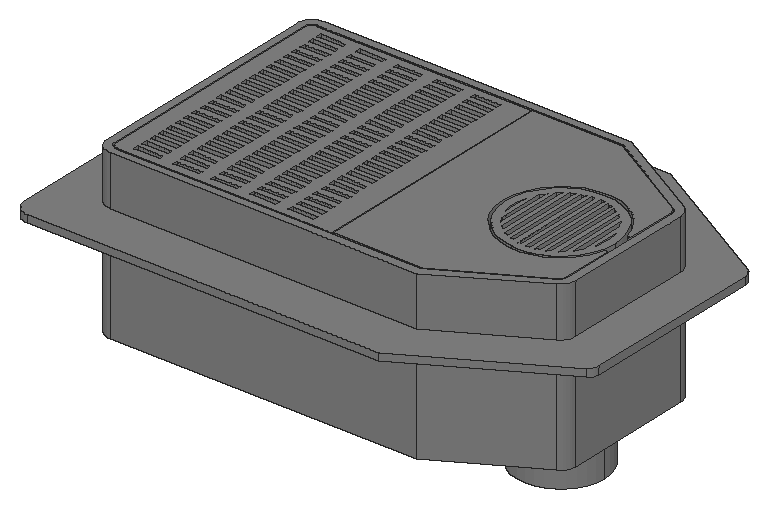
Revit family "Drain-Floor-Jay_R_Smith-2484_Series", category Plumbing Fixtures, host Face, Revit 2019
Family settings
  Host = Face
  Round Connector Dimension = Use Diameter
  Part Type = Normal
  OmniClass Number = 23.70.50.21.24
  OmniClass Title = Waste Water Drains
  Cut with Voids When Loaded = No
  Shared = Yes
  Room Calculation Point = No
Parameters (values of type "2484Y04(100)")
  Width = 17 1/2"
  Waste Connection Radius = 2"
  Waste Connection Diameter = Waste Connection Radius * 2  # 4"
  Waste Connection = yes
  WFU = 0
  W - Seepae Holes = no
  Vent Connection = no
  URL = "https://www.jrsmith.com/"
  U - Vandal Proof  Top = no
  Type Comments = "NO-HUB"
  T - Threaded Outlet = no
  Product Page URL = "https://www.jrsmith.com/floor-drains-2484"
  Product Documentation Link = "https://www.jrsmith.com/uploads/fileLibrary/d2484.pdf"
  Price = "Prices may vary. Please consult Manufacturer Representative for most up-to-date price list."  # constant formula
  Outlet Radius = Waste Connection Radius + 1/8"  # 2 1/8"
  Outlet Diameter = Outlet Radius * 2  # 4 1/4"
  Y - No-Hub Outlet = yes
  Model = "2484Y04(100)"
  Material = "Metal-Jay.R.Smith-Acid Resistant Coating"
  Manufacturer = "Jay R. Smith"
  M - Ductile Iron Gate = no
  Length = 24 3/4"
  Installation Type = "Floor Mounted"
  Height = 8"
  HWFU = 0
  HW Connection = no
  Grate Finish = Metal-Jay.R.Smith-Cast Iron
  G - Galvanized = no
  Finish = Metal-Jay.R.Smith-Acid Resistant Coating
  Description = "Heavy Duty Traffic Floor Drains"
  Default Elevation = 0"
  Creation Date = "08/24/2022"  # constant formula
  Connection Description = "4\" No-Hub Waste Outlet Connection"
  C- Caulk Outlet = no
  CWFU = 0
  CW Connection = no
  CIB - Cast Iron Bucket = no
  C - Flashing Clamp = no
  Assembly Code = "D2030300"
Reference planes (in)
  plane 1 "Center (Front/Back)": y = 0
  plane 2: z = 0
  plane 3 "Center (Left/Right)": x = 0
  plane 4: x = -12.375
  plane 5: x = 12.375
  plane 6: x = 5.25
  plane 7: y = 4.6875
  plane 8: y = -4.6875
  plane 9: y = 8.75
  plane 10: y = -8.75
  plane 11: y = 6.4375
  plane 12: y = -6.4375
  plane 13: z = -3
  plane 14: z = -8
  plane 15: z = -2.75
  plane 16: x = -10.25
  plane 17: x = 10.25
  plane 18: x = 0.8125
  plane 19: x = -9.75
  plane 20: x = -4.46875
  plane 21: x = 7.27821
  plane 22: x = 10.25
  plane 23: x = -10.25
  plane 24: x = 7.01766
Forms (in)
  Extrusion 1, solid, material "Metal-Jay.R.Smith-Acid Resistant Coating" <- "Finish"
    sketch origin (0, 0, 0) x (1, 0, 0) y (0, 1, 0)
      loop
        arc (-11.625, 8.75) -> (-12.15533, 8.53033) -> (-12.375, 8) r 0.75
        line (-12.375, 8) -> (-12.375, -8)
        arc (-12.375, -8) -> (-12.15533, -8.53033) -> (-11.625, -8.75) r 0.75
        line (-11.625, -8.75) -> (5.25, -8.75) -> (12.12266, -4.83138)
        arc (12.12266, -4.83138) -> (12.30734, -4.64819) -> (12.375, -4.39702) r 0.5
        line (12.375, -4.39702) -> (12.375, 4.39702)
        arc (12.375, 4.39702) -> (12.30734, 4.64819) -> (12.12266, 4.83138) r 0.5
        line (12.12266, 4.83138) -> (5.25, 8.75) -> (-11.625, 8.75)
      loop
        arc (-9.5, 6.4375) -> (-10.03033, 6.21783) -> (-10.25, 5.6875) r 0.75
        line (-10.25, 5.6875) -> (-10.25, -5.6875)
        arc (-10.25, -5.6875) -> (-10.03033, -6.21783) -> (-9.5, -6.4375) r 0.75
        line (-9.5, -6.4375) -> (5.25, -6.4375) -> (9.87149, -3.80244)
        arc (9.87149, -3.80244) -> (10.1485, -3.52766) -> (10.25, -3.15091) r 0.75
        line (10.25, -3.15091) -> (10.25, 3.15091)
        arc (10.25, 3.15091) -> (10.1485, 3.52766) -> (9.87149, 3.80244) r 0.75
        line (9.87149, 3.80244) -> (5.25, 6.4375) -> (-9.5, 6.4375)
    from -2.75 to -2.3887
  Extrusion 2, solid, material "Metal-Jay.R.Smith-Acid Resistant Coating" <- "Finish"
    sketch origin (0, 0, 0) x (1, 0, 0) y (0, 1, 0)
      loop
        arc (-10.25, -5.6875) -> (-10.03033, -6.21783) -> (-9.5, -6.4375) r 0.75
        line (-9.5, -6.4375) -> (5.25, -6.4375) -> (9.87149, -3.80244)
        arc (9.87149, -3.80244) -> (10.1485, -3.52766) -> (10.25, -3.15091) r 0.75
        line (10.25, -3.15091) -> (10.25, 3.15091)
        arc (10.25, 3.15091) -> (10.1485, 3.52766) -> (9.87149, 3.80244) r 0.75
        line (9.87149, 3.80244) -> (5.25, 6.4375) -> (-9.5, 6.4375)
        arc (-9.5, 6.4375) -> (-10.03033, 6.21783) -> (-10.25, 5.6875) r 0.75
        line (-10.25, 5.6875) -> (-10.25, -5.6875)
      loop
        line (-9.875, 5.6875) -> (-9.875, -5.6875)
        arc (-9.875, -5.6875) -> (-9.76517, -5.95267) -> (-9.5, -6.0625) r 0.375
        line (-9.5, -6.0625) -> (5.1506, -6.0625) -> (9.68574, -3.47667)
        arc (9.68574, -3.47667) -> (9.82425, -3.33928) -> (9.875, -3.15091) r 0.375
        line (9.875, -3.15091) -> (9.875, 3.15091)
        arc (9.875, 3.15091) -> (9.82425, 3.33928) -> (9.68574, 3.47667) r 0.375
        line (9.68574, 3.47667) -> (5.1506, 6.0625) -> (-9.5, 6.0625)
        arc (-9.5, 6.0625) -> (-9.76517, 5.95267) -> (-9.875, 5.6875) r 0.375
    from -8 to 0
  Extrusion 3, solid, material "Metal-Jay.R.Smith-Cast Iron" <- "Grate Finish"
    sketch origin (0, 0, 0) x (1, 0, 0) y (0, 1, 0)
      loop
        line (-9.01981, -3.625) -> (-7.76981, -3.625) -> (-7.76981, -3.375) -> (-9.01981, -3.375) -> (-9.01981, -3.625)
      loop
        line (-9.01981, -3.125) -> (-7.76981, -3.125) -> (-7.76981, -2.875) -> (-9.01981, -2.875) -> (-9.01981, -3.125)
      loop
        line (-9.01981, -2.625) -> (-7.76981, -2.625) -> (-7.76981, -2.375) -> (-9.01981, -2.375) -> (-9.01981, -2.625)
      loop
        line (-9.01981, -2.125) -> (-7.76981, -2.125) -> (-7.76981, -1.875) -> (-9.01981, -1.875) -> (-9.01981, -2.125)
      loop
        line (-9.01981, -1.625) -> (-7.76981, -1.625) -> (-7.76981, -1.375) -> (-9.01981, -1.375) -> (-9.01981, -1.625)
      loop
        line (-9.01981, -1.125) -> (-7.76981, -1.125) -> (-7.76981, -0.875) -> (-9.01981, -0.875) -> (-9.01981, -1.125)
      loop
        line (-9.01981, -0.625) -> (-7.76981, -0.625) -> (-7.76981, -0.375) -> (-9.01981, -0.375) -> (-9.01981, -0.625)
      loop
        line (-9.01981, -0.125) -> (-7.76981, -0.125) -> (-7.76981, 0.125) -> (-9.01981, 0.125) -> (-9.01981, -0.125)
      loop
        line (-9.01981, 3.625) -> (-9.01981, 3.375) -> (-7.76981, 3.375) -> (-7.76981, 3.625) -> (-9.01981, 3.625)
      loop
        line (-9.01981, 3.125) -> (-9.01981, 2.875) -> (-7.76981, 2.875) -> (-7.76981, 3.125) -> (-9.01981, 3.125)
      loop
        line (-9.01981, 2.625) -> (-9.01981, 2.375) -> (-7.76981, 2.375) -> (-7.76981, 2.625) -> (-9.01981, 2.625)
      loop
        line (-9.01981, 2.125) -> (-9.01981, 1.875) -> (-7.76981, 1.875) -> (-7.76981, 2.125) -> (-9.01981, 2.125)
      loop
        line (-9.01981, 1.625) -> (-9.01981, 1.375) -> (-7.76981, 1.375) -> (-7.76981, 1.625) -> (-9.01981, 1.625)
      loop
        line (-9.01981, 1.125) -> (-9.01981, 0.875) -> (-7.76981, 0.875) -> (-7.76981, 1.125) -> (-9.01981, 1.125)
      loop
        line (-9.01981, 0.625) -> (-9.01981, 0.375) -> (-7.76981, 0.375) -> (-7.76981, 0.625) -> (-9.01981, 0.625)
      loop
        line (-7.16463, -3.625) -> (-5.91463, -3.625) -> (-5.91463, -3.375) -> (-7.16463, -3.375) -> (-7.16463, -3.625)
      loop
        line (-7.16463, -3.125) -> (-5.91463, -3.125) -> (-5.91463, -2.875) -> (-7.16463, -2.875) -> (-7.16463, -3.125)
      loop
        line (-7.16463, -2.625) -> (-5.91463, -2.625) -> (-5.91463, -2.375) -> (-7.16463, -2.375) -> (-7.16463, -2.625)
      loop
        line (-7.16463, -2.125) -> (-5.91463, -2.125) -> (-5.91463, -1.875) -> (-7.16463, -1.875) -> (-7.16463, -2.125)
      loop
        line (-7.16463, -1.625) -> (-5.91463, -1.625) -> (-5.91463, -1.375) -> (-7.16463, -1.375) -> (-7.16463, -1.625)
      loop
        line (-7.16463, -1.125) -> (-5.91463, -1.125) -> (-5.91463, -0.875) -> (-7.16463, -0.875) -> (-7.16463, -1.125)
      loop
        line (-7.16463, -0.625) -> (-5.91463, -0.625) -> (-5.91463, -0.375) -> (-7.16463, -0.375) -> (-7.16463, -0.625)
      loop
        line (-7.16463, -0.125) -> (-5.91463, -0.125) -> (-5.91463, 0.125) -> (-7.16463, 0.125) -> (-7.16463, -0.125)
      loop
        line (-7.16463, 3.625) -> (-7.16463, 3.375) -> (-5.91463, 3.375) -> (-5.91463, 3.625) -> (-7.16463, 3.625)
      loop
        line (-7.16463, 3.125) -> (-7.16463, 2.875) -> (-5.91463, 2.875) -> (-5.91463, 3.125) -> (-7.16463, 3.125)
      loop
        line (-7.16463, 2.625) -> (-7.16463, 2.375) -> (-5.91463, 2.375) -> (-5.91463, 2.625) -> (-7.16463, 2.625)
      loop
        line (-7.16463, 2.125) -> (-7.16463, 1.875) -> (-5.91463, 1.875) -> (-5.91463, 2.125) -> (-7.16463, 2.125)
      loop
        line (-7.16463, 1.625) -> (-7.16463, 1.375) -> (-5.91463, 1.375) -> (-5.91463, 1.625) -> (-7.16463, 1.625)
      loop
        line (-7.16463, 1.125) -> (-7.16463, 0.875) -> (-5.91463, 0.875) -> (-5.91463, 1.125) -> (-7.16463, 1.125)
      loop
        line (-7.16463, 0.625) -> (-7.16463, 0.375) -> (-5.91463, 0.375) -> (-5.91463, 0.625) -> (-7.16463, 0.625)
      loop
        line (-5.30944, -3.625) -> (-4.05944, -3.625) -> (-4.05944, -3.375) -> (-5.30944, -3.375) -> (-5.30944, -3.625)
      loop
        line (-5.30944, -3.125) -> (-4.05944, -3.125) -> (-4.05944, -2.875) -> (-5.30944, -2.875) -> (-5.30944, -3.125)
      loop
        line (-5.30944, -2.625) -> (-4.05944, -2.625) -> (-4.05944, -2.375) -> (-5.30944, -2.375) -> (-5.30944, -2.625)
      loop
        line (-5.30944, -2.125) -> (-4.05944, -2.125) -> (-4.05944, -1.875) -> (-5.30944, -1.875) -> (-5.30944, -2.125)
      loop
        line (-5.30944, -1.625) -> (-4.05944, -1.625) -> (-4.05944, -1.375) -> (-5.30944, -1.375) -> (-5.30944, -1.625)
      loop
        line (-5.30944, -1.125) -> (-4.05944, -1.125) -> (-4.05944, -0.875) -> (-5.30944, -0.875) -> (-5.30944, -1.125)
      loop
        line (-5.30944, -0.625) -> (-4.05944, -0.625) -> (-4.05944, -0.375) -> (-5.30944, -0.375) -> (-5.30944, -0.625)
      loop
        line (-5.30944, -0.125) -> (-4.05944, -0.125) -> (-4.05944, 0.125) -> (-5.30944, 0.125) -> (-5.30944, -0.125)
      loop
        line (-5.30944, 3.625) -> (-5.30944, 3.375) -> (-4.05944, 3.375) -> (-4.05944, 3.625) -> (-5.30944, 3.625)
      loop
        line (-5.30944, 3.125) -> (-5.30944, 2.875) -> (-4.05944, 2.875) -> (-4.05944, 3.125) -> (-5.30944, 3.125)
      loop
        line (-5.30944, 2.625) -> (-5.30944, 2.375) -> (-4.05944, 2.375) -> (-4.05944, 2.625) -> (-5.30944, 2.625)
      loop
        line (-5.30944, 2.125) -> (-5.30944, 1.875) -> (-4.05944, 1.875) -> (-4.05944, 2.125) -> (-5.30944, 2.125)
      loop
        line (-5.30944, 1.625) -> (-5.30944, 1.375) -> (-4.05944, 1.375) -> (-4.05944, 1.625) -> (-5.30944, 1.625)
      loop
        line (-5.30944, 1.125) -> (-5.30944, 0.875) -> (-4.05944, 0.875) -> (-4.05944, 1.125) -> (-5.30944, 1.125)
      loop
        line (-5.30944, 0.625) -> (-5.30944, 0.375) -> (-4.05944, 0.375) -> (-4.05944, 0.625) -> (-5.30944, 0.625)
      loop
        line (-3.45425, -3.625) -> (-2.20425, -3.625) -> (-2.20425, -3.375) -> (-3.45425, -3.375) -> (-3.45425, -3.625)
      loop
        line (-3.45425, -3.125) -> (-2.20425, -3.125) -> (-2.20425, -2.875) -> (-3.45425, -2.875) -> (-3.45425, -3.125)
      loop
        line (-3.45425, -2.625) -> (-2.20425, -2.625) -> (-2.20425, -2.375) -> (-3.45425, -2.375) -> (-3.45425, -2.625)
      loop
        line (-3.45425, -2.125) -> (-2.20425, -2.125) -> (-2.20425, -1.875) -> (-3.45425, -1.875) -> (-3.45425, -2.125)
      loop
        line (-3.45425, -1.625) -> (-2.20425, -1.625) -> (-2.20425, -1.375) -> (-3.45425, -1.375) -> (-3.45425, -1.625)
      loop
        line (-3.45425, -1.125) -> (-2.20425, -1.125) -> (-2.20425, -0.875) -> (-3.45425, -0.875) -> (-3.45425, -1.125)
      loop
        line (-3.45425, -0.625) -> (-2.20425, -0.625) -> (-2.20425, -0.375) -> (-3.45425, -0.375) -> (-3.45425, -0.625)
      loop
        line (-3.45425, -0.125) -> (-2.20425, -0.125) -> (-2.20425, 0.125) -> (-3.45425, 0.125) -> (-3.45425, -0.125)
      loop
        line (-3.45425, 3.625) -> (-3.45425, 3.375) -> (-2.20425, 3.375) -> (-2.20425, 3.625) -> (-3.45425, 3.625)
      loop
        line (-3.45425, 3.125) -> (-3.45425, 2.875) -> (-2.20425, 2.875) -> (-2.20425, 3.125) -> (-3.45425, 3.125)
      loop
        line (-3.45425, 2.625) -> (-3.45425, 2.375) -> (-2.20425, 2.375) -> (-2.20425, 2.625) -> (-3.45425, 2.625)
      loop
        line (-3.45425, 2.125) -> (-3.45425, 1.875) -> (-2.20425, 1.875) -> (-2.20425, 2.125) -> (-3.45425, 2.125)
      loop
        line (-3.45425, 1.625) -> (-3.45425, 1.375) -> (-2.20425, 1.375) -> (-2.20425, 1.625) -> (-3.45425, 1.625)
      loop
        line (-3.45425, 1.125) -> (-3.45425, 0.875) -> (-2.20425, 0.875) -> (-2.20425, 1.125) -> (-3.45425, 1.125)
      loop
        line (-3.45425, 0.625) -> (-3.45425, 0.375) -> (-2.20425, 0.375) -> (-2.20425, 0.625) -> (-3.45425, 0.625)
      loop
        line (-1.59906, -3.625) -> (-0.34906, -3.625) -> (-0.34906, -3.375) -> (-1.59906, -3.375) -> (-1.59906, -3.625)
      loop
        line (-1.59906, -3.125) -> (-0.34906, -3.125) -> (-0.34906, -2.875) -> (-1.59906, -2.875) -> (-1.59906, -3.125)
      loop
        line (-1.59906, -2.625) -> (-0.34906, -2.625) -> (-0.34906, -2.375) -> (-1.59906, -2.375) -> (-1.59906, -2.625)
      loop
        line (-1.59906, -2.125) -> (-0.34906, -2.125) -> (-0.34906, -1.875) -> (-1.59906, -1.875) -> (-1.59906, -2.125)
      loop
        line (-1.59906, -1.625) -> (-0.34906, -1.625) -> (-0.34906, -1.375) -> (-1.59906, -1.375) -> (-1.59906, -1.625)
      loop
        line (-1.59906, -1.125) -> (-0.34906, -1.125) -> (-0.34906, -0.875) -> (-1.59906, -0.875) -> (-1.59906, -1.125)
      loop
        line (-1.59906, -0.625) -> (-0.34906, -0.625) -> (-0.34906, -0.375) -> (-1.59906, -0.375) -> (-1.59906, -0.625)
      loop
        line (-1.59906, -0.125) -> (-0.34906, -0.125) -> (-0.34906, 0.125) -> (-1.59906, 0.125) -> (-1.59906, -0.125)
      loop
        line (-1.59906, 3.625) -> (-1.59906, 3.375) -> (-0.34906, 3.375) -> (-0.34906, 3.625) -> (-1.59906, 3.625)
      loop
        line (-1.59906, 3.125) -> (-1.59906, 2.875) -> (-0.34906, 2.875) -> (-0.34906, 3.125) -> (-1.59906, 3.125)
      loop
        line (-1.59906, 2.625) -> (-1.59906, 2.375) -> (-0.34906, 2.375) -> (-0.34906, 2.625) -> (-1.59906, 2.625)
      loop
        line (-1.59906, 2.125) -> (-1.59906, 1.875) -> (-0.34906, 1.875) -> (-0.34906, 2.125) -> (-1.59906, 2.125)
      loop
        line (-1.59906, 1.625) -> (-1.59906, 1.375) -> (-0.34906, 1.375) -> (-0.34906, 1.625) -> (-1.59906, 1.625)
      loop
        line (-1.59906, 1.125) -> (-1.59906, 0.875) -> (-0.34906, 0.875) -> (-0.34906, 1.125) -> (-1.59906, 1.125)
      loop
        line (-1.59906, 0.625) -> (-1.59906, 0.375) -> (-0.34906, 0.375) -> (-0.34906, 0.625) -> (-1.59906, 0.625)
      loop
        arc (9.8125, -0.75842) -> (9.74833, -0.68488) -> (9.66678, -0.7385) r 0.07422
        arc (9.66678, -0.7385) -> (4.26766, -0.00215) -> (9.6659, 0.74064) r 2.75
        arc (9.6659, 0.74064) -> (9.74798, 0.68678) -> (9.8125, 0.76077) r 0.07468
        line (9.8125, 0.76077) -> (9.8125, 3.15091)
        arc (9.8125, 3.15091) -> (9.77021, 3.30789) -> (9.65479, 3.42238) r 0.3125
        line (9.65479, 3.42238) -> (5.13404, 6) -> (0.875, 6) -> (0.875, -6) -> (5.13404, -6) -> (9.65479, -3.42238)
        arc (9.65479, -3.42238) -> (9.77021, -3.30789) -> (9.8125, -3.15091) r 0.3125
        line (9.8125, -3.15091) -> (9.8125, -0.75842)
      loop
        arc (-9.5, 6) -> (-9.72097, 5.90847) -> (-9.8125, 5.6875) r 0.3125
        line (-9.8125, 5.6875) -> (-9.8125, -5.6875)
        arc (-9.8125, -5.6875) -> (-9.72097, -5.90847) -> (-9.5, -6) r 0.3125
        line (-9.5, -6) -> (0.8125, -6) -> (0.8125, 6) -> (-9.5, 6)
      loop
        line (-9.01981, 5.625) -> (-9.01981, 5.375) -> (-7.76981, 5.375) -> (-7.76981, 5.625) -> (-9.01981, 5.625)
      loop
        line (-9.01981, 5.125) -> (-9.01981, 4.875) -> (-7.76981, 4.875) -> (-7.76981, 5.125) -> (-9.01981, 5.125)
      loop
        line (-9.01981, 4.625) -> (-9.01981, 4.375) -> (-7.76981, 4.375) -> (-7.76981, 4.625) -> (-9.01981, 4.625)
      loop
        line (-9.01981, 4.125) -> (-9.01981, 3.875) -> (-7.76981, 3.875) -> (-7.76981, 4.125) -> (-9.01981, 4.125)
      loop
        line (-7.16463, 5.625) -> (-7.16463, 5.375) -> (-5.91463, 5.375) -> (-5.91463, 5.625) -> (-7.16463, 5.625)
      loop
        line (-7.16463, 5.125) -> (-7.16463, 4.875) -> (-5.91463, 4.875) -> (-5.91463, 5.125) -> (-7.16463, 5.125)
      loop
        line (-7.16463, 4.625) -> (-7.16463, 4.375) -> (-5.91463, 4.375) -> (-5.91463, 4.625) -> (-7.16463, 4.625)
      loop
        line (-7.16463, 4.125) -> (-7.16463, 3.875) -> (-5.91463, 3.875) -> (-5.91463, 4.125) -> (-7.16463, 4.125)
      loop
        line (-5.30944, 5.625) -> (-5.30944, 5.375) -> (-4.05944, 5.375) -> (-4.05944, 5.625) -> (-5.30944, 5.625)
      loop
        line (-5.30944, 5.125) -> (-5.30944, 4.875) -> (-4.05944, 4.875) -> (-4.05944, 5.125) -> (-5.30944, 5.125)
      loop
        line (-5.30944, 4.625) -> (-5.30944, 4.375) -> (-4.05944, 4.375) -> (-4.05944, 4.625) -> (-5.30944, 4.625)
      loop
        line (-5.30944, 4.125) -> (-5.30944, 3.875) -> (-4.05944, 3.875) -> (-4.05944, 4.125) -> (-5.30944, 4.125)
      loop
        line (-3.45425, 5.625) -> (-3.45425, 5.375) -> (-2.20425, 5.375) -> (-2.20425, 5.625) -> (-3.45425, 5.625)
      loop
        line (-3.45425, 5.125) -> (-3.45425, 4.875) -> (-2.20425, 4.875) -> (-2.20425, 5.125) -> (-3.45425, 5.125)
      loop
        line (-3.45425, 4.625) -> (-3.45425, 4.375) -> (-2.20425, 4.375) -> (-2.20425, 4.625) -> (-3.45425, 4.625)
      loop
        line (-3.45425, 4.125) -> (-3.45425, 3.875) -> (-2.20425, 3.875) -> (-2.20425, 4.125) -> (-3.45425, 4.125)
      loop
        line (-1.59906, 5.625) -> (-1.59906, 5.375) -> (-0.34906, 5.375) -> (-0.34906, 5.625) -> (-1.59906, 5.625)
      loop
        line (-1.59906, 5.125) -> (-1.59906, 4.875) -> (-0.34906, 4.875) -> (-0.34906, 5.125) -> (-1.59906, 5.125)
      loop
        line (-1.59906, 4.625) -> (-1.59906, 4.375) -> (-0.34906, 4.375) -> (-0.34906, 4.625) -> (-1.59906, 4.625)
      loop
        line (-1.59906, 4.125) -> (-1.59906, 3.875) -> (-0.34906, 3.875) -> (-0.34906, 4.125) -> (-1.59906, 4.125)
      loop
        line (-9.01981, -5.625) -> (-7.76981, -5.625) -> (-7.76981, -5.375) -> (-9.01981, -5.375) -> (-9.01981, -5.625)
      loop
        line (-9.01981, -5.125) -> (-7.76981, -5.125) -> (-7.76981, -4.875) -> (-9.01981, -4.875) -> (-9.01981, -5.125)
      loop
        line (-9.01981, -4.625) -> (-7.76981, -4.625) -> (-7.76981, -4.375) -> (-9.01981, -4.375) -> (-9.01981, -4.625)
      loop
        line (-9.01981, -4.125) -> (-7.76981, -4.125) -> (-7.76981, -3.875) -> (-9.01981, -3.875) -> (-9.01981, -4.125)
      loop
        line (-7.16463, -5.625) -> (-5.91463, -5.625) -> (-5.91463, -5.375) -> (-7.16463, -5.375) -> (-7.16463, -5.625)
      loop
        line (-7.16463, -5.125) -> (-5.91463, -5.125) -> (-5.91463, -4.875) -> (-7.16463, -4.875) -> (-7.16463, -5.125)
      loop
        line (-7.16463, -4.625) -> (-5.91463, -4.625) -> (-5.91463, -4.375) -> (-7.16463, -4.375) -> (-7.16463, -4.625)
      loop
        line (-7.16463, -4.125) -> (-5.91463, -4.125) -> (-5.91463, -3.875) -> (-7.16463, -3.875) -> (-7.16463, -4.125)
      loop
        line (-5.30944, -5.625) -> (-4.05944, -5.625) -> (-4.05944, -5.375) -> (-5.30944, -5.375) -> (-5.30944, -5.625)
      loop
        line (-5.30944, -5.125) -> (-4.05944, -5.125) -> (-4.05944, -4.875) -> (-5.30944, -4.875) -> (-5.30944, -5.125)
      loop
        line (-5.30944, -4.625) -> (-4.05944, -4.625) -> (-4.05944, -4.375) -> (-5.30944, -4.375) -> (-5.30944, -4.625)
      loop
        line (-5.30944, -4.125) -> (-4.05944, -4.125) -> (-4.05944, -3.875) -> (-5.30944, -3.875) -> (-5.30944, -4.125)
      loop
        line (-3.45425, -5.625) -> (-2.20425, -5.625) -> (-2.20425, -5.375) -> (-3.45425, -5.375) -> (-3.45425, -5.625)
      loop
        line (-3.45425, -5.125) -> (-2.20425, -5.125) -> (-2.20425, -4.875) -> (-3.45425, -4.875) -> (-3.45425, -5.125)
      loop
        line (-3.45425, -4.625) -> (-2.20425, -4.625) -> (-2.20425, -4.375) -> (-3.45425, -4.375) -> (-3.45425, -4.625)
      loop
        line (-3.45425, -4.125) -> (-2.20425, -4.125) -> (-2.20425, -3.875) -> (-3.45425, -3.875) -> (-3.45425, -4.125)
      loop
        line (-1.59906, -5.625) -> (-0.34906, -5.625) -> (-0.34906, -5.375) -> (-1.59906, -5.375) -> (-1.59906, -5.625)
      loop
        line (-1.59906, -5.125) -> (-0.34906, -5.125) -> (-0.34906, -4.875) -> (-1.59906, -4.875) -> (-1.59906, -5.125)
      loop
        line (-1.59906, -4.625) -> (-0.34906, -4.625) -> (-0.34906, -4.375) -> (-1.59906, -4.375) -> (-1.59906, -4.625)
      loop
        line (-1.59906, -4.125) -> (-0.34906, -4.125) -> (-0.34906, -3.875) -> (-1.59906, -3.875) -> (-1.59906, -4.125)
      loop
        arc (4.84832, 0.59673) -> (4.76761, -0.00051) -> (4.84832, -0.59774) r 2.25
        line (4.84832, -0.59774) -> (4.84832, 0.59673)
      loop
        line (7.12091, 2.24712) -> (7.12091, -2.24813)
        arc (7.12091, -2.24813) -> (7.22443, -2.24098) -> (7.32751, -2.22906) r 2.25
        line (7.32751, -2.22906) -> (7.32751, 2.22805)
        arc (7.32751, 2.22805) -> (7.22443, 2.23997) -> (7.12091, 2.24712) r 2.25
      loop
        arc (6.91431, 2.24712) -> (6.81079, 2.23997) -> (6.70771, 2.22805) r 2.25
        line (6.70771, 2.22805) -> (6.70771, -2.22906)
        arc (6.70771, -2.22906) -> (6.81079, -2.24098) -> (6.91431, -2.24813) r 2.25
        line (6.91431, -2.24813) -> (6.91431, 2.24712)
      loop
        arc (7.74071, 2.13013) -> (7.63811, 2.16224) -> (7.53411, 2.18941) r 2.25
        line (7.53411, 2.18941) -> (7.53411, -2.19042)
        arc (7.53411, -2.19042) -> (7.63811, -2.16325) -> (7.74071, -2.13115) r 2.25
        line (7.74071, -2.13115) -> (7.74071, 2.13013)
      loop
        line (7.9473, 2.04844) -> (7.9473, -2.04945)
        arc (7.9473, -2.04945) -> (8.05199, -1.99865) -> (8.1539, -1.9425) r 2.25
        line (8.1539, -1.9425) -> (8.1539, 1.94149)
        arc (8.1539, 1.94149) -> (8.05199, 1.99763) -> (7.9473, 2.04844) r 2.25
      loop
        line (8.3605, 1.8048) -> (8.3605, -1.80582)
        arc (8.3605, -1.80582) -> (8.46641, -1.72198) -> (8.5671, -1.63194) r 2.25
        line (8.5671, -1.63194) -> (8.5671, 1.63093)
        arc (8.5671, 1.63093) -> (8.46641, 1.72097) -> (8.3605, 1.8048) r 2.25
      loop
        line (8.7737, 1.40614) -> (8.7737, -1.40715)
        arc (8.7737, -1.40715) -> (8.8833, -1.25816) -> (8.9803, -1.10067) r 2.25
        line (8.9803, -1.10067) -> (8.9803, 1.09965)
        arc (8.9803, 1.09965) -> (8.8833, 1.25714) -> (8.7737, 1.40614) r 2.25
      loop
        line (9.1869, 0.59673) -> (9.1869, -0.59774)
        arc (9.1869, -0.59774) -> (9.26761, -0.00051) -> (9.1869, 0.59673) r 2.25
      loop
        arc (6.50111, 2.18941) -> (6.3971, 2.16224) -> (6.29451, 2.13013) r 2.25
        line (6.29451, 2.13013) -> (6.29451, -2.13115)
        arc (6.29451, -2.13115) -> (6.3971, -2.16325) -> (6.50111, -2.19042) r 2.25
        line (6.50111, -2.19042) -> (6.50111, 2.18941)
      loop
        arc (6.08791, 2.04844) -> (5.98323, 1.99763) -> (5.88132, 1.94149) r 2.25
        line (5.88132, 1.94149) -> (5.88132, -1.9425)
        arc (5.88132, -1.9425) -> (5.98323, -1.99865) -> (6.08791, -2.04945) r 2.25
        line (6.08791, -2.04945) -> (6.08791, 2.04844)
      loop
        arc (5.67472, 1.8048) -> (5.56881, 1.72097) -> (5.46812, 1.63093) r 2.25
        line (5.46812, 1.63093) -> (5.46812, -1.63194)
        arc (5.46812, -1.63194) -> (5.56881, -1.72198) -> (5.67472, -1.80582) r 2.25
        line (5.67472, -1.80582) -> (5.67472, 1.8048)
      loop
        arc (5.26152, 1.40614) -> (5.15192, 1.25714) -> (5.05492, 1.09965) r 2.25
        line (5.05492, 1.09965) -> (5.05492, -1.10067)
        arc (5.05492, -1.10067) -> (5.15192, -1.25816) -> (5.26152, -1.40715) r 2.25
        line (5.26152, -1.40715) -> (5.26152, 1.40614)
      loop
        circle (7.01766, -0.00051) r 2.625
    from -0.48298 to 0
  Extrusion 4, solid, material "Metal-Jay.R.Smith-Acid Resistant Coating" <- "Finish"
    sketch origin (0, 0, 0) x (1, 0, 0) y (0, 1, 0)
      loop
        circle (7.01766, -0.00051) r 2
      loop
        circle (7.01766, -0.00051) r 2.125
    from -10.2962 to -7.37226
  Extrusion 5, solid, material "Metal-Jay.R.Smith-Acid Resistant Coating" <- "Finish"
    sketch origin (0, 0, 0) x (1, 0, 0) y (0, 1, 0)
      loop
        arc (-9.5, 6.4375) -> (-10.03033, 6.21783) -> (-10.25, 5.6875) r 0.75
        line (-10.25, 5.6875) -> (-10.25, -5.6875)
        arc (-10.25, -5.6875) -> (-10.03033, -6.21783) -> (-9.5, -6.4375) r 0.75
        line (-9.5, -6.4375) -> (5.25, -6.4375) -> (9.87149, -3.80244)
        arc (9.87149, -3.80244) -> (10.1485, -3.52766) -> (10.25, -3.15091) r 0.75
        line (10.25, -3.15091) -> (10.25, 3.15091)
        arc (10.25, 3.15091) -> (10.1485, 3.52766) -> (9.87149, 3.80244) r 0.75
        line (9.87149, 3.80244) -> (5.25, 6.4375) -> (-9.5, 6.4375)
      loop
        circle (7.01766, 0) r 2.125
    from -8 to -7.37226
Cuts and joins
  joined: Extrusion 1, Extrusion 2, Extrusion 5
Lines and regions (in)
  Masking region 1, detail levels medium+fine
    outline origin (0, 0, 0) x (1, 0, 0) y (0, 1, 0)
      loop
        arc (-11.625, 8.75) -> (-12.15533, 8.53033) -> (-12.375, 8) r 0.75
        line (-12.375, 8) -> (-12.375, -8)
        arc (-12.375, -8) -> (-12.15533, -8.53033) -> (-11.625, -8.75) r 0.75
        line (-11.625, -8.75) -> (5.25, -8.75) -> (12.12266, -4.83138)
        arc (12.12266, -4.83138) -> (12.30734, -4.64819) -> (12.375, -4.39702) r 0.5
        line (12.375, -4.39702) -> (12.375, 4.39702)
        arc (12.375, 4.39702) -> (12.30734, 4.64819) -> (12.12266, 4.83138) r 0.5
        line (12.12266, 4.83138) -> (5.25, 8.75) -> (-11.625, 8.75)
  symbolic lines, detail levels medium+fine
    curve 1: arc (-9.5, 6.4375, 0) -> (-10.03033, 6.21783, 0) -> (-10.25, 5.6875, 0) r 0.75
    curve 2: line (5.25, 6.4375, 0) -> (-9.5, 6.4375, 0)
    curve 3: line (-10.25, 5.6875, 0) -> (-10.25, -5.6875, 0)
    curve 4: arc (-10.25, -5.6875, 0) -> (-10.03033, -6.21783, 0) -> (-9.5, -6.4375, 0) r 0.75
    curve 5: line (-9.5, -6.4375, 0) -> (5.25, -6.4375, 0)
    curve 6: line (5.25, -6.4375, 0) -> (9.87149, -3.80244, 0)
    curve 7: arc (9.87149, -3.80244, 0) -> (10.1485, -3.52766, 0) -> (10.25, -3.15091, 0) r 0.75
    curve 8: line (10.25, -3.15091, 0) -> (10.25, 3.15091, 0)
    curve 9: arc (10.25, 3.15091, 0) -> (10.1485, 3.52766, 0) -> (9.87149, 3.80244, 0) r 0.75
    curve 10: line (9.87149, 3.80244, 0) -> (5.25, 6.4375, 0)
    curve 11: line (5.25, 6.4375, 0) -> (-9.5, 6.4375, 0)
    curve 12: arc (-9.875, 5.6875, 0) -> (-9.76517, 5.95267, 0) -> (-9.5, 6.0625, 0) r 0.375
    curve 13: line (-9.5, 6.0625, 0) -> (5.1506, 6.0625, 0)
    curve 14: line (-9.875, -5.6875, 0) -> (-9.875, 5.6875, 0)
    curve 15: arc (-9.5, -6.0625, 0) -> (-9.76517, -5.95267, 0) -> (-9.875, -5.6875, 0) r 0.375
    curve 16: arc (-9.8125, -5.6875, 0) -> (-9.72097, -5.90847, 0) -> (-9.5, -6, 0) r 0.3125
    curve 17: line (-9.8125, 5.6875, 0) -> (-9.8125, -5.6875, 0)
    curve 18: line (5.1506, -6.0625, 0) -> (-9.5, -6.0625, 0)
    curve 19: line (-9.5, -6, 0) -> (0.8125, -6, 0)
    curve 20: line (9.68574, -3.47667, 0) -> (5.1506, -6.0625, 0)
    curve 21: line (5.13404, -6, 0) -> (9.65479, -3.42238, 0)
    curve 22: arc (9.875, -3.15091, 0) -> (9.82425, -3.33928, 0) -> (9.68574, -3.47667, 0) r 0.375
    curve 23: arc (9.65479, -3.42238, 0) -> (9.77021, -3.30789, 0) -> (9.8125, -3.15091, 0) r 0.3125
    curve 24: line (9.8125, -3.15091, 0) -> (9.8125, -0.75842, 0)
    curve 25: line (9.875, 3.15091, 0) -> (9.875, -3.15091, 0)
    curve 26: arc (9.8125, -0.75842, 0) -> (9.74833, -0.68488, 0) -> (9.66678, -0.7385, 0) r 0.07422
    curve 27: arc (9.66678, -0.7385, 0) -> (4.26766, -0.00215, 0) -> (9.6659, 0.74064, 0) r 2.75
    curve 28: arc (9.6659, 0.74064, 0) -> (9.74798, 0.68678, 0) -> (9.8125, 0.76077, 0) r 0.07468
    curve 29: line (9.8125, 0.76077, 0) -> (9.8125, 3.15091, 0)
    curve 30: arc (9.8125, 3.15091, 0) -> (9.77021, 3.30789, 0) -> (9.65479, 3.42238, 0) r 0.3125
    curve 31: arc (9.68574, 3.47667, 0) -> (9.82425, 3.33928, 0) -> (9.875, 3.15091, 0) r 0.375
    curve 32: line (9.65479, 3.42238, 0) -> (5.13404, 6, 0)
    curve 33: line (5.1506, 6.0625, 0) -> (9.68574, 3.47667, 0)
    curve 34: line (5.13404, 6, 0) -> (0.875, 6, 0)
    curve 35: line (-9.5, 6.0625, 0) -> (5.1506, 6.0625, 0)
    curve 36: line (0.8125, 6, 0) -> (-9.5, 6, 0)
    curve 37: line (0.8125, -6, 0) -> (0.8125, 6, 0)
    curve 38: line (0.875, 6, 0) -> (0.875, -6, 0)
    curve 39: arc (4.39266, -0.00051, 0) -> (7.01766, -2.62551, 0) -> (9.64266, -0.00051, 0) r 2.625
    curve 40: arc (9.64266, -0.00051, 0) -> (7.01766, 2.62449, 0) -> (4.39266, -0.00051, 0) r 2.625
    curve 87: arc (-9.5, 6, 0) -> (-9.72097, 5.90847, 0) -> (-9.8125, 5.6875, 0) r 0.3125
    curve 548: line (0.875, -6, 0) -> (5.13404, -6, 0)
  symbolic lines, detail levels fine
    curve 41: arc (4.84832, -0.59774, 0) -> (4.76761, -0.00051, 0) -> (4.84832, 0.59673, 0) r 2.25
    curve 42: line (4.84832, 0.59673, 0) -> (4.84832, -0.59774, 0)
    curve 43: line (5.05492, -1.10067, 0) -> (5.05492, 1.09965, 0)
    curve 44: arc (5.05492, 1.09965, 0) -> (5.15192, 1.25714, 0) -> (5.26152, 1.40614, 0) r 2.25
    curve 45: line (5.26152, 1.40614, 0) -> (5.26152, -1.40715, 0)
    curve 46: arc (5.26152, -1.40715, 0) -> (5.15192, -1.25816, 0) -> (5.05492, -1.10067, 0) r 2.25
    curve 47: arc (5.67472, -1.80582, 0) -> (5.56881, -1.72198, 0) -> (5.46812, -1.63194, 0) r 2.25
    curve 48: line (5.67472, 1.8048, 0) -> (5.67472, -1.80582, 0)
    curve 49: line (5.46812, -1.63194, 0) -> (5.46812, 1.63093, 0)
    curve 50: arc (5.46812, 1.63093, 0) -> (5.56881, 1.72097, 0) -> (5.67472, 1.8048, 0) r 2.25
    curve 51: arc (5.88132, 1.94149, 0) -> (5.98323, 1.99763, 0) -> (6.08791, 2.04844, 0) r 2.25
    curve 52: line (5.88132, -1.9425, 0) -> (5.88132, 1.94149, 0)
    curve 53: line (6.08791, 2.04844, 0) -> (6.08791, -2.04945, 0)
    curve 54: arc (6.29451, 2.13013, 0) -> (6.3971, 2.16224, 0) -> (6.50111, 2.18941, 0) r 2.25
    curve 55: line (6.29451, -2.13115, 0) -> (6.29451, 2.13013, 0)
    curve 56: line (6.50111, 2.18941, 0) -> (6.50111, -2.19042, 0)
    curve 57: arc (6.70771, 2.22805, 0) -> (6.81079, 2.23997, 0) -> (6.91431, 2.24712, 0) r 2.25
    curve 58: arc (7.12091, 2.24712, 0) -> (7.22443, 2.23997, 0) -> (7.32751, 2.22805, 0) r 2.25
    curve 59: line (7.12091, -2.24813, 0) -> (7.12091, 2.24712, 0)
    curve 60: line (7.32751, 2.22805, 0) -> (7.32751, -2.22906, 0)
    curve 61: arc (7.53411, 2.18941, 0) -> (7.63811, 2.16224, 0) -> (7.74071, 2.13013, 0) r 2.25
    curve 62: line (7.53411, -2.19042, 0) -> (7.53411, 2.18941, 0)
    curve 63: line (7.74071, 2.13013, 0) -> (7.74071, -2.13115, 0)
    curve 64: arc (7.9473, 2.04844, 0) -> (8.05199, 1.99763, 0) -> (8.1539, 1.94149, 0) r 2.25
    curve 65: line (7.9473, -2.04945, 0) -> (7.9473, 2.04844, 0)
    curve 66: line (8.3605, -1.80582, 0) -> (8.3605, 1.8048, 0)
    curve 67: line (8.1539, 1.94149, 0) -> (8.1539, -1.9425, 0)
    curve 68: arc (8.3605, 1.8048, 0) -> (8.46641, 1.72097, 0) -> (8.5671, 1.63093, 0) r 2.25
    curve 69: line (8.5671, 1.63093, 0) -> (8.5671, -1.63194, 0)
    curve 70: line (8.3605, -1.80582, 0) -> (8.3605, 1.8048, 0)
    curve 71: line (8.7737, -1.40715, 0) -> (8.7737, 1.40614, 0)
    curve 72: arc (8.7737, 1.40614, 0) -> (8.8833, 1.25714, 0) -> (8.9803, 1.09965, 0) r 2.25
    curve 73: line (8.9803, 1.09965, 0) -> (8.9803, -1.10067, 0)
    curve 74: arc (9.1869, 0.59673, 0) -> (9.26761, -0.00051, 0) -> (9.1869, -0.59774, 0) r 2.25
    curve 75: line (9.1869, -0.59774, 0) -> (9.1869, 0.59673, 0)
    curve 76: arc (8.9803, -1.10067, 0) -> (8.8833, -1.25816, 0) -> (8.7737, -1.40715, 0) r 2.25
    curve 77: arc (8.5671, -1.63194, 0) -> (8.46641, -1.72198, 0) -> (8.3605, -1.80582, 0) r 2.25
    curve 78: arc (8.1539, -1.9425, 0) -> (8.05199, -1.99865, 0) -> (7.9473, -2.04945, 0) r 2.25
    curve 79: arc (7.74071, -2.13115, 0) -> (7.63811, -2.16325, 0) -> (7.53411, -2.19042, 0) r 2.25
    curve 80: arc (7.32751, -2.22906, 0) -> (7.22443, -2.24098, 0) -> (7.12091, -2.24813, 0) r 2.25
    curve 81: arc (6.91431, -2.24813, 0) -> (6.81079, -2.24098, 0) -> (6.70771, -2.22906, 0) r 2.25
    curve 82: arc (6.50111, -2.19042, 0) -> (6.3971, -2.16325, 0) -> (6.29451, -2.13115, 0) r 2.25
    curve 83: arc (6.08791, -2.04945, 0) -> (5.98323, -1.99865, 0) -> (5.88132, -1.9425, 0) r 2.25
    curve 84: arc (5.67472, -1.80582, 0) -> (5.56881, -1.72198, 0) -> (5.46812, -1.63194, 0) r 2.25
    curve 85: line (6.70771, -2.22906, 0) -> (6.70771, 2.22805, 0)
    curve 86: line (6.91431, 2.24712, 0) -> (6.91431, -2.24813, 0)
    curve 88: line (-9.01981, 5.625, 0) -> (-7.76981, 5.625, 0)
    curve 89: line (-9.01981, 5.375, 0) -> (-9.01981, 5.625, 0)
    curve 90: line (-7.76981, 5.375, 0) -> (-9.01981, 5.375, 0)
    curve 91: line (-7.76981, 5.625, 0) -> (-7.76981, 5.375, 0)
    curve 92: line (-9.01981, 5.125, 0) -> (-7.76981, 5.125, 0)
    curve 93: line (-9.01981, 4.875, 0) -> (-9.01981, 5.125, 0)
    curve 94: line (-7.76981, 4.875, 0) -> (-9.01981, 4.875, 0)
    curve 95: line (-7.76981, 5.125, 0) -> (-7.76981, 4.875, 0)
    curve 96: line (-9.01981, 4.625, 0) -> (-7.76981, 4.625, 0)
    curve 97: line (-9.01981, 4.375, 0) -> (-9.01981, 4.625, 0)
    curve 98: line (-7.76981, 4.375, 0) -> (-9.01981, 4.375, 0)
    curve 99: line (-7.76981, 4.625, 0) -> (-7.76981, 4.375, 0)
    curve 100: line (-9.01981, 4.125, 0) -> (-7.76981, 4.125, 0)
    curve 101: line (-9.01981, 3.875, 0) -> (-9.01981, 4.125, 0)
    curve 102: line (-7.76981, 3.875, 0) -> (-9.01981, 3.875, 0)
    curve 103: line (-7.76981, 4.125, 0) -> (-7.76981, 3.875, 0)
    curve 104: line (-9.01981, 3.625, 0) -> (-7.76981, 3.625, 0)
    curve 105: line (-9.01981, 3.375, 0) -> (-9.01981, 3.625, 0)
    curve 106: line (-7.76981, 3.375, 0) -> (-9.01981, 3.375, 0)
    curve 107: line (-7.76981, 3.625, 0) -> (-7.76981, 3.375, 0)
    curve 108: line (-9.01981, 3.125, 0) -> (-7.76981, 3.125, 0)
    curve 109: line (-9.01981, 2.875, 0) -> (-9.01981, 3.125, 0)
    curve 110: line (-7.76981, 2.875, 0) -> (-9.01981, 2.875, 0)
    curve 111: line (-7.76981, 3.125, 0) -> (-7.76981, 2.875, 0)
    curve 112: line (-9.01981, 2.625, 0) -> (-7.76981, 2.625, 0)
    curve 113: line (-9.01981, 2.375, 0) -> (-9.01981, 2.625, 0)
    curve 114: line (-7.76981, 2.375, 0) -> (-9.01981, 2.375, 0)
    curve 115: line (-7.76981, 2.625, 0) -> (-7.76981, 2.375, 0)
    curve 116: line (-9.01981, 2.125, 0) -> (-7.76981, 2.125, 0)
    curve 117: line (-9.01981, 1.875, 0) -> (-9.01981, 2.125, 0)
    curve 118: line (-7.76981, 1.875, 0) -> (-9.01981, 1.875, 0)
    curve 119: line (-7.76981, 2.125, 0) -> (-7.76981, 1.875, 0)
    curve 120: line (-9.01981, 1.625, 0) -> (-7.76981, 1.625, 0)
    curve 121: line (-9.01981, 1.375, 0) -> (-9.01981, 1.625, 0)
    curve 122: line (-7.76981, 1.375, 0) -> (-9.01981, 1.375, 0)
    curve 123: line (-7.76981, 1.625, 0) -> (-7.76981, 1.375, 0)
    curve 124: line (-9.01981, 1.125, 0) -> (-7.76981, 1.125, 0)
    curve 125: line (-9.01981, 0.875, 0) -> (-9.01981, 1.125, 0)
    curve 126: line (-7.76981, 0.875, 0) -> (-9.01981, 0.875, 0)
    curve 127: line (-7.76981, 1.125, 0) -> (-7.76981, 0.875, 0)
    curve 128: line (-9.01981, 0.625, 0) -> (-7.76981, 0.625, 0)
    curve 129: line (-9.01981, 0.375, 0) -> (-9.01981, 0.625, 0)
    curve 130: line (-7.76981, 0.375, 0) -> (-9.01981, 0.375, 0)
    curve 131: line (-7.76981, 0.625, 0) -> (-7.76981, 0.375, 0)
    curve 132: line (-9.01981, 0.125, 0) -> (-7.76981, 0.125, 0)
    curve 133: line (-9.01981, -0.125, 0) -> (-9.01981, 0.125, 0)
    curve 134: line (-7.76981, -0.125, 0) -> (-9.01981, -0.125, 0)
    curve 135: line (-7.76981, 0.125, 0) -> (-7.76981, -0.125, 0)
    curve 136: line (-9.01981, -0.375, 0) -> (-7.76981, -0.375, 0)
    curve 137: line (-9.01981, -0.625, 0) -> (-9.01981, -0.375, 0)
    curve 138: line (-7.76981, -0.625, 0) -> (-9.01981, -0.625, 0)
    curve 139: line (-7.76981, -0.375, 0) -> (-7.76981, -0.625, 0)
    curve 140: line (-9.01981, -0.875, 0) -> (-7.76981, -0.875, 0)
    curve 141: line (-9.01981, -1.125, 0) -> (-9.01981, -0.875, 0)
    curve 142: line (-7.76981, -1.125, 0) -> (-9.01981, -1.125, 0)
    curve 143: line (-7.76981, -0.875, 0) -> (-7.76981, -1.125, 0)
    curve 144: line (-9.01981, -1.375, 0) -> (-7.76981, -1.375, 0)
    curve 145: line (-9.01981, -1.625, 0) -> (-9.01981, -1.375, 0)
    curve 146: line (-7.76981, -1.625, 0) -> (-9.01981, -1.625, 0)
    curve 147: line (-7.76981, -1.375, 0) -> (-7.76981, -1.625, 0)
    curve 148: line (-9.01981, -1.875, 0) -> (-7.76981, -1.875, 0)
    curve 149: line (-9.01981, -2.125, 0) -> (-9.01981, -1.875, 0)
    curve 150: line (-7.76981, -2.125, 0) -> (-9.01981, -2.125, 0)
    curve 151: line (-7.76981, -1.875, 0) -> (-7.76981, -2.125, 0)
    curve 152: line (-9.01981, -2.375, 0) -> (-7.76981, -2.375, 0)
    curve 153: line (-9.01981, -2.625, 0) -> (-9.01981, -2.375, 0)
    curve 154: line (-7.76981, -2.625, 0) -> (-9.01981, -2.625, 0)
    curve 155: line (-7.76981, -2.375, 0) -> (-7.76981, -2.625, 0)
    curve 156: line (-9.01981, -2.875, 0) -> (-7.76981, -2.875, 0)
    curve 157: line (-9.01981, -3.125, 0) -> (-9.01981, -2.875, 0)
    curve 158: line (-7.76981, -3.125, 0) -> (-9.01981, -3.125, 0)
    curve 159: line (-7.76981, -2.875, 0) -> (-7.76981, -3.125, 0)
    curve 160: line (-9.01981, -3.375, 0) -> (-7.76981, -3.375, 0)
    curve 161: line (-9.01981, -3.625, 0) -> (-9.01981, -3.375, 0)
    curve 162: line (-7.76981, -3.625, 0) -> (-9.01981, -3.625, 0)
    curve 163: line (-7.76981, -3.375, 0) -> (-7.76981, -3.625, 0)
    curve 164: line (-9.01981, -3.875, 0) -> (-7.76981, -3.875, 0)
    curve 165: line (-9.01981, -4.125, 0) -> (-9.01981, -3.875, 0)
    curve 166: line (-7.76981, -4.125, 0) -> (-9.01981, -4.125, 0)
    curve 167: line (-7.76981, -3.875, 0) -> (-7.76981, -4.125, 0)
    curve 168: line (-9.01981, -4.375, 0) -> (-7.76981, -4.375, 0)
    curve 169: line (-9.01981, -4.625, 0) -> (-9.01981, -4.375, 0)
    curve 170: line (-7.76981, -4.625, 0) -> (-9.01981, -4.625, 0)
    curve 171: line (-7.76981, -4.375, 0) -> (-7.76981, -4.625, 0)
    curve 172: line (-9.01981, -4.875, 0) -> (-7.76981, -4.875, 0)
    curve 173: line (-9.01981, -5.125, 0) -> (-9.01981, -4.875, 0)
    curve 174: line (-7.76981, -5.125, 0) -> (-9.01981, -5.125, 0)
    curve 175: line (-7.76981, -4.875, 0) -> (-7.76981, -5.125, 0)
    curve 176: line (-9.01981, -5.375, 0) -> (-7.76981, -5.375, 0)
    curve 177: line (-9.01981, -5.625, 0) -> (-9.01981, -5.375, 0)
    curve 178: line (-7.76981, -5.625, 0) -> (-9.01981, -5.625, 0)
    curve 179: line (-7.76981, -5.375, 0) -> (-7.76981, -5.625, 0)
    curve 180: line (-7.16463, 5.625, 0) -> (-5.91463, 5.625, 0)
    curve 181: line (-7.16463, 5.375, 0) -> (-7.16463, 5.625, 0)
    curve 182: line (-5.91463, 5.375, 0) -> (-7.16463, 5.375, 0)
    curve 183: line (-5.91463, 5.625, 0) -> (-5.91463, 5.375, 0)
    curve 184: line (-7.16463, 5.125, 0) -> (-5.91463, 5.125, 0)
    curve 185: line (-7.16463, 4.875, 0) -> (-7.16463, 5.125, 0)
    curve 186: line (-5.91463, 4.875, 0) -> (-7.16463, 4.875, 0)
    curve 187: line (-5.91463, 5.125, 0) -> (-5.91463, 4.875, 0)
    curve 188: line (-7.16463, 4.625, 0) -> (-5.91463, 4.625, 0)
    curve 189: line (-7.16463, 4.375, 0) -> (-7.16463, 4.625, 0)
    curve 190: line (-5.91463, 4.375, 0) -> (-7.16463, 4.375, 0)
    curve 191: line (-5.91463, 4.625, 0) -> (-5.91463, 4.375, 0)
    curve 192: line (-7.16463, 4.125, 0) -> (-5.91463, 4.125, 0)
    curve 193: line (-7.16463, 3.875, 0) -> (-7.16463, 4.125, 0)
    curve 194: line (-5.91463, 3.875, 0) -> (-7.16463, 3.875, 0)
    curve 195: line (-5.91463, 4.125, 0) -> (-5.91463, 3.875, 0)
    curve 196: line (-7.16463, 3.625, 0) -> (-5.91463, 3.625, 0)
    curve 197: line (-7.16463, 3.375, 0) -> (-7.16463, 3.625, 0)
    curve 198: line (-5.91463, 3.375, 0) -> (-7.16463, 3.375, 0)
    curve 199: line (-5.91463, 3.625, 0) -> (-5.91463, 3.375, 0)
    curve 200: line (-7.16463, 3.125, 0) -> (-5.91463, 3.125, 0)
    curve 201: line (-7.16463, 2.875, 0) -> (-7.16463, 3.125, 0)
    curve 202: line (-5.91463, 2.875, 0) -> (-7.16463, 2.875, 0)
    curve 203: line (-5.91463, 3.125, 0) -> (-5.91463, 2.875, 0)
    curve 204: line (-7.16463, 2.625, 0) -> (-5.91463, 2.625, 0)
    curve 205: line (-7.16463, 2.375, 0) -> (-7.16463, 2.625, 0)
    curve 206: line (-5.91463, 2.375, 0) -> (-7.16463, 2.375, 0)
    curve 207: line (-5.91463, 2.625, 0) -> (-5.91463, 2.375, 0)
    curve 208: line (-7.16463, 2.125, 0) -> (-5.91463, 2.125, 0)
    curve 209: line (-7.16463, 1.875, 0) -> (-7.16463, 2.125, 0)
    curve 210: line (-5.91463, 1.875, 0) -> (-7.16463, 1.875, 0)
    curve 211: line (-5.91463, 2.125, 0) -> (-5.91463, 1.875, 0)
    curve 212: line (-7.16463, 1.625, 0) -> (-5.91463, 1.625, 0)
    curve 213: line (-7.16463, 1.375, 0) -> (-7.16463, 1.625, 0)
    curve 214: line (-5.91463, 1.375, 0) -> (-7.16463, 1.375, 0)
    curve 215: line (-5.91463, 1.625, 0) -> (-5.91463, 1.375, 0)
    curve 216: line (-7.16463, 1.125, 0) -> (-5.91463, 1.125, 0)
    curve 217: line (-7.16463, 0.875, 0) -> (-7.16463, 1.125, 0)
    curve 218: line (-5.91463, 0.875, 0) -> (-7.16463, 0.875, 0)
    curve 219: line (-5.91463, 1.125, 0) -> (-5.91463, 0.875, 0)
    curve 220: line (-7.16463, 0.625, 0) -> (-5.91463, 0.625, 0)
    curve 221: line (-7.16463, 0.375, 0) -> (-7.16463, 0.625, 0)
    curve 222: line (-5.91463, 0.375, 0) -> (-7.16463, 0.375, 0)
    curve 223: line (-5.91463, 0.625, 0) -> (-5.91463, 0.375, 0)
    curve 224: line (-7.16463, 0.125, 0) -> (-5.91463, 0.125, 0)
    curve 225: line (-7.16463, -0.125, 0) -> (-7.16463, 0.125, 0)
    curve 226: line (-5.91463, -0.125, 0) -> (-7.16463, -0.125, 0)
    curve 227: line (-5.91463, 0.125, 0) -> (-5.91463, -0.125, 0)
    curve 228: line (-7.16463, -0.375, 0) -> (-5.91463, -0.375, 0)
    curve 229: line (-7.16463, -0.625, 0) -> (-7.16463, -0.375, 0)
    curve 230: line (-5.91463, -0.625, 0) -> (-7.16463, -0.625, 0)
    curve 231: line (-5.91463, -0.375, 0) -> (-5.91463, -0.625, 0)
    curve 232: line (-7.16463, -0.875, 0) -> (-5.91463, -0.875, 0)
    curve 233: line (-7.16463, -1.125, 0) -> (-7.16463, -0.875, 0)
    curve 234: line (-5.91463, -1.125, 0) -> (-7.16463, -1.125, 0)
    curve 235: line (-5.91463, -0.875, 0) -> (-5.91463, -1.125, 0)
    curve 236: line (-7.16463, -1.375, 0) -> (-5.91463, -1.375, 0)
    curve 237: line (-7.16463, -1.625, 0) -> (-7.16463, -1.375, 0)
    curve 238: line (-5.91463, -1.625, 0) -> (-7.16463, -1.625, 0)
    curve 239: line (-5.91463, -1.375, 0) -> (-5.91463, -1.625, 0)
    curve 240: line (-7.16463, -1.875, 0) -> (-5.91463, -1.875, 0)
    curve 241: line (-7.16463, -2.125, 0) -> (-7.16463, -1.875, 0)
    curve 242: line (-5.91463, -2.125, 0) -> (-7.16463, -2.125, 0)
    curve 243: line (-5.91463, -1.875, 0) -> (-5.91463, -2.125, 0)
    curve 244: line (-7.16463, -2.375, 0) -> (-5.91463, -2.375, 0)
    curve 245: line (-7.16463, -2.625, 0) -> (-7.16463, -2.375, 0)
    curve 246: line (-5.91463, -2.625, 0) -> (-7.16463, -2.625, 0)
    curve 247: line (-5.91463, -2.375, 0) -> (-5.91463, -2.625, 0)
    curve 248: line (-7.16463, -2.875, 0) -> (-5.91463, -2.875, 0)
    curve 249: line (-7.16463, -3.125, 0) -> (-7.16463, -2.875, 0)
    curve 250: line (-5.91463, -3.125, 0) -> (-7.16463, -3.125, 0)
    curve 251: line (-5.91463, -2.875, 0) -> (-5.91463, -3.125, 0)
    curve 252: line (-7.16463, -3.375, 0) -> (-5.91463, -3.375, 0)
    curve 253: line (-7.16463, -3.625, 0) -> (-7.16463, -3.375, 0)
    curve 254: line (-5.91463, -3.625, 0) -> (-7.16463, -3.625, 0)
    curve 255: line (-5.91463, -3.375, 0) -> (-5.91463, -3.625, 0)
    curve 256: line (-7.16463, -3.875, 0) -> (-5.91463, -3.875, 0)
    curve 257: line (-7.16463, -4.125, 0) -> (-7.16463, -3.875, 0)
    curve 258: line (-5.91463, -4.125, 0) -> (-7.16463, -4.125, 0)
    curve 259: line (-5.91463, -3.875, 0) -> (-5.91463, -4.125, 0)
    curve 260: line (-7.16463, -4.375, 0) -> (-5.91463, -4.375, 0)
    curve 261: line (-7.16463, -4.625, 0) -> (-7.16463, -4.375, 0)
    curve 262: line (-5.91463, -4.625, 0) -> (-7.16463, -4.625, 0)
    curve 263: line (-5.91463, -4.375, 0) -> (-5.91463, -4.625, 0)
    curve 264: line (-7.16463, -4.875, 0) -> (-5.91463, -4.875, 0)
    curve 265: line (-7.16463, -5.125, 0) -> (-7.16463, -4.875, 0)
    curve 266: line (-5.91463, -5.125, 0) -> (-7.16463, -5.125, 0)
    curve 267: line (-5.91463, -4.875, 0) -> (-5.91463, -5.125, 0)
    curve 268: line (-7.16463, -5.375, 0) -> (-5.91463, -5.375, 0)
    curve 269: line (-7.16463, -5.625, 0) -> (-7.16463, -5.375, 0)
    curve 270: line (-5.91463, -5.625, 0) -> (-7.16463, -5.625, 0)
    curve 271: line (-5.91463, -5.375, 0) -> (-5.91463, -5.625, 0)
    curve 272: line (-5.30944, 5.625, 0) -> (-4.05944, 5.625, 0)
    curve 273: line (-5.30944, 5.375, 0) -> (-5.30944, 5.625, 0)
    curve 274: line (-4.05944, 5.375, 0) -> (-5.30944, 5.375, 0)
    curve 275: line (-4.05944, 5.625, 0) -> (-4.05944, 5.375, 0)
    curve 276: line (-5.30944, 5.125, 0) -> (-4.05944, 5.125, 0)
    curve 277: line (-5.30944, 4.875, 0) -> (-5.30944, 5.125, 0)
    curve 278: line (-4.05944, 4.875, 0) -> (-5.30944, 4.875, 0)
    curve 279: line (-4.05944, 5.125, 0) -> (-4.05944, 4.875, 0)
    curve 280: line (-5.30944, 4.625, 0) -> (-4.05944, 4.625, 0)
    curve 281: line (-5.30944, 4.375, 0) -> (-5.30944, 4.625, 0)
    curve 282: line (-4.05944, 4.375, 0) -> (-5.30944, 4.375, 0)
    curve 283: line (-4.05944, 4.625, 0) -> (-4.05944, 4.375, 0)
    curve 284: line (-5.30944, 4.125, 0) -> (-4.05944, 4.125, 0)
    curve 285: line (-5.30944, 3.875, 0) -> (-5.30944, 4.125, 0)
    curve 286: line (-4.05944, 3.875, 0) -> (-5.30944, 3.875, 0)
    curve 287: line (-4.05944, 4.125, 0) -> (-4.05944, 3.875, 0)
    curve 288: line (-5.30944, 3.625, 0) -> (-4.05944, 3.625, 0)
    curve 289: line (-5.30944, 3.375, 0) -> (-5.30944, 3.625, 0)
    curve 290: line (-4.05944, 3.375, 0) -> (-5.30944, 3.375, 0)
    curve 291: line (-4.05944, 3.625, 0) -> (-4.05944, 3.375, 0)
    curve 292: line (-5.30944, 3.125, 0) -> (-4.05944, 3.125, 0)
    curve 293: line (-5.30944, 2.875, 0) -> (-5.30944, 3.125, 0)
    curve 294: line (-4.05944, 2.875, 0) -> (-5.30944, 2.875, 0)
    curve 295: line (-4.05944, 3.125, 0) -> (-4.05944, 2.875, 0)
    curve 296: line (-5.30944, 2.625, 0) -> (-4.05944, 2.625, 0)
    curve 297: line (-5.30944, 2.375, 0) -> (-5.30944, 2.625, 0)
    curve 298: line (-4.05944, 2.375, 0) -> (-5.30944, 2.375, 0)
    curve 299: line (-4.05944, 2.625, 0) -> (-4.05944, 2.375, 0)
    curve 300: line (-5.30944, 2.125, 0) -> (-4.05944, 2.125, 0)
    curve 301: line (-5.30944, 1.875, 0) -> (-5.30944, 2.125, 0)
    curve 302: line (-4.05944, 1.875, 0) -> (-5.30944, 1.875, 0)
    curve 303: line (-4.05944, 2.125, 0) -> (-4.05944, 1.875, 0)
    curve 304: line (-5.30944, 1.625, 0) -> (-4.05944, 1.625, 0)
    curve 305: line (-5.30944, 1.375, 0) -> (-5.30944, 1.625, 0)
    curve 306: line (-4.05944, 1.375, 0) -> (-5.30944, 1.375, 0)
    curve 307: line (-4.05944, 1.625, 0) -> (-4.05944, 1.375, 0)
    curve 308: line (-5.30944, 1.125, 0) -> (-4.05944, 1.125, 0)
    curve 309: line (-5.30944, 0.875, 0) -> (-5.30944, 1.125, 0)
    curve 310: line (-4.05944, 0.875, 0) -> (-5.30944, 0.875, 0)
    curve 311: line (-4.05944, 1.125, 0) -> (-4.05944, 0.875, 0)
    curve 312: line (-5.30944, 0.625, 0) -> (-4.05944, 0.625, 0)
    curve 313: line (-5.30944, 0.375, 0) -> (-5.30944, 0.625, 0)
    curve 314: line (-4.05944, 0.375, 0) -> (-5.30944, 0.375, 0)
    curve 315: line (-4.05944, 0.625, 0) -> (-4.05944, 0.375, 0)
    curve 316: line (-5.30944, 0.125, 0) -> (-4.05944, 0.125, 0)
    curve 317: line (-5.30944, -0.125, 0) -> (-5.30944, 0.125, 0)
    curve 318: line (-4.05944, -0.125, 0) -> (-5.30944, -0.125, 0)
    curve 319: line (-4.05944, 0.125, 0) -> (-4.05944, -0.125, 0)
    curve 320: line (-5.30944, -0.375, 0) -> (-4.05944, -0.375, 0)
    curve 321: line (-5.30944, -0.625, 0) -> (-5.30944, -0.375, 0)
    curve 322: line (-4.05944, -0.625, 0) -> (-5.30944, -0.625, 0)
    curve 323: line (-4.05944, -0.375, 0) -> (-4.05944, -0.625, 0)
    curve 324: line (-5.30944, -0.875, 0) -> (-4.05944, -0.875, 0)
    curve 325: line (-5.30944, -1.125, 0) -> (-5.30944, -0.875, 0)
    curve 326: line (-4.05944, -1.125, 0) -> (-5.30944, -1.125, 0)
    curve 327: line (-4.05944, -0.875, 0) -> (-4.05944, -1.125, 0)
    curve 328: line (-5.30944, -1.375, 0) -> (-4.05944, -1.375, 0)
    curve 329: line (-5.30944, -1.625, 0) -> (-5.30944, -1.375, 0)
    curve 330: line (-4.05944, -1.625, 0) -> (-5.30944, -1.625, 0)
    curve 331: line (-4.05944, -1.375, 0) -> (-4.05944, -1.625, 0)
    curve 332: line (-5.30944, -1.875, 0) -> (-4.05944, -1.875, 0)
    curve 333: line (-5.30944, -2.125, 0) -> (-5.30944, -1.875, 0)
    curve 334: line (-4.05944, -2.125, 0) -> (-5.30944, -2.125, 0)
    curve 335: line (-4.05944, -1.875, 0) -> (-4.05944, -2.125, 0)
    curve 336: line (-5.30944, -2.375, 0) -> (-4.05944, -2.375, 0)
    curve 337: line (-5.30944, -2.625, 0) -> (-5.30944, -2.375, 0)
    curve 338: line (-4.05944, -2.625, 0) -> (-5.30944, -2.625, 0)
    curve 339: line (-4.05944, -2.375, 0) -> (-4.05944, -2.625, 0)
    curve 340: line (-5.30944, -2.875, 0) -> (-4.05944, -2.875, 0)
    curve 341: line (-5.30944, -3.125, 0) -> (-5.30944, -2.875, 0)
    curve 342: line (-4.05944, -3.125, 0) -> (-5.30944, -3.125, 0)
    curve 343: line (-4.05944, -2.875, 0) -> (-4.05944, -3.125, 0)
    curve 344: line (-5.30944, -3.375, 0) -> (-4.05944, -3.375, 0)
    curve 345: line (-5.30944, -3.625, 0) -> (-5.30944, -3.375, 0)
    curve 346: line (-4.05944, -3.625, 0) -> (-5.30944, -3.625, 0)
    curve 347: line (-4.05944, -3.375, 0) -> (-4.05944, -3.625, 0)
    curve 348: line (-5.30944, -3.875, 0) -> (-4.05944, -3.875, 0)
    curve 349: line (-5.30944, -4.125, 0) -> (-5.30944, -3.875, 0)
    curve 350: line (-4.05944, -4.125, 0) -> (-5.30944, -4.125, 0)
    curve 351: line (-4.05944, -3.875, 0) -> (-4.05944, -4.125, 0)
    curve 352: line (-5.30944, -4.375, 0) -> (-4.05944, -4.375, 0)
    curve 353: line (-5.30944, -4.625, 0) -> (-5.30944, -4.375, 0)
    curve 354: line (-4.05944, -4.625, 0) -> (-5.30944, -4.625, 0)
    curve 355: line (-4.05944, -4.375, 0) -> (-4.05944, -4.625, 0)
    curve 356: line (-5.30944, -4.875, 0) -> (-4.05944, -4.875, 0)
    curve 357: line (-5.30944, -5.125, 0) -> (-5.30944, -4.875, 0)
    curve 358: line (-4.05944, -5.125, 0) -> (-5.30944, -5.125, 0)
    curve 359: line (-4.05944, -4.875, 0) -> (-4.05944, -5.125, 0)
    curve 360: line (-5.30944, -5.375, 0) -> (-4.05944, -5.375, 0)
    curve 361: line (-5.30944, -5.625, 0) -> (-5.30944, -5.375, 0)
    curve 362: line (-4.05944, -5.625, 0) -> (-5.30944, -5.625, 0)
    curve 363: line (-4.05944, -5.375, 0) -> (-4.05944, -5.625, 0)
    curve 364: line (-3.45425, 5.625, 0) -> (-2.20425, 5.625, 0)
    curve 365: line (-3.45425, 5.375, 0) -> (-3.45425, 5.625, 0)
    curve 366: line (-2.20425, 5.375, 0) -> (-3.45425, 5.375, 0)
    curve 367: line (-2.20425, 5.625, 0) -> (-2.20425, 5.375, 0)
    curve 368: line (-3.45425, 5.125, 0) -> (-2.20425, 5.125, 0)
    curve 369: line (-3.45425, 4.875, 0) -> (-3.45425, 5.125, 0)
